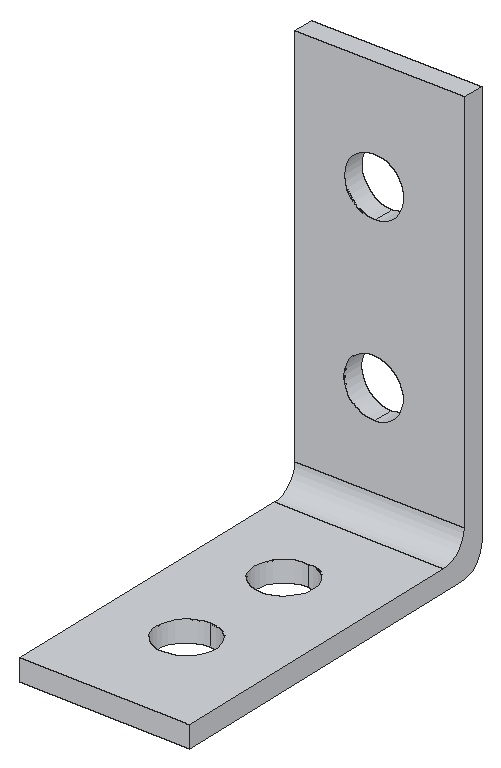
Revit family "MP11", category Generic Models, Revit 2017
Family settings
  Can host rebar = No
  Round Connector Dimension = Use Diameter
  Part Type = Normal
  Work Plane-Based = Yes
  Always vertical = No
  Cut with Voids When Loaded = No
  Shared = No
  Room Calculation Point = No
Parameters (values of type "NBS Standard Parameters")
  Weight = "0.251Kg"
  WarrantyStartDate [instance] = "1900-12-31T23:59:59"
  WarrantyGuarantorParts = "n/a"
  WarrantyGuarantorLabor = "n/a"
  WarrantyDurationUnit = "1 year"
  WarrantyDurationParts = "n/a"
  WarrantyDurationLabor = "n/a"
  WarrantyDescription = "n/a"
  Version = "1"
  Uniclass2 = "Pr_65_70_11_19"
  TagNumber [instance] = "n/a"
  SustainabilityPerformance = "n/a"
  Size = "90 degree"
  Shape = "Angle"
  SerialNumber [instance] = "n/a"
  Revision = "n/a"
  ReplacementCost = "n/a"
  ProductInformation = "www.metpro.co.uk/pdf/mp11.pdf"
  NominalWidth = 40 mm
  NominalLength = 102 mm
  NominalHeight = 86 mm
  Name = ""
  NBSTypeID = ""
  NBSReference = "90-55-10/305"
  NBSOfficeMasterTag = ""
  NBSNote = ""
  NBSDescription = "Channel Cable Supports"
  NBSCertification = ""
  ModelReference = "MP11"
  ModelNumber = "n/a"
  Material = "Steel"
  ManufacturerURL = "www.metpro.co.uk"
  ManufacturerName = "Metpro Ltd"
  Keynote = "Compliant to LU Standard 1-085"
  InstallationDate [instance] = "1900-12-31T23:59:59"
  IfcExportType = ""
  IfcExportAs = ""
  Grade = "n/a"
  Finish = "Hot Dipped Galvanised"
  Features = "n/a"
  ExpectedLife = "n/a"
  DurationUnit = "year"
  Description = "MP11 -  2+2 Hole 90 degree Bracket"
  Default Elevation = 1219.2 mm
  Constituents = "n/a"
  Color = "n/a"
  CodePerformance = "n/a"
  Category = "n/a"
  BarCode [instance] = "n/a"
  BIMObjectName = "Metpro_Metprolibrary_Channelcablesupports_Channelbracket"
  Author = "Metpro Ltd"
  AssetType = ""
  AssetIdentifier [instance] = "n/a"
  AccessibilityPerformance = "n/a"
Reference planes
  plane 1 "Center (Front/Back)": y = 0
  plane 2: z = 0
  plane 3 "Center (Left/Right)": x = 0
Forms (mm)
  Extrusion 1, solid
    sketch origin (625.7, 449.922, 17.148) x (0, 0, -1) y (0, 1, 0)
      loop
        line (-53.852, 0) -> (-53.852, -5) -> (37.148, -5)
        arc (37.148, -5) -> (41.391, -6.757) -> (43.148, -11) r 6
        line (43.148, -11) -> (43.148, -86) -> (48.148, -86) -> (48.148, -6)
        arc (48.148, -6) -> (46.391, -1.757) -> (42.148, 0) r 6
        line (42.148, 0) -> (-53.852, 0)
    from 0 to 40
  Extrusion 2, void
    sketch origin (625.7, 447.423, -26) x (1, 0, 0) y (0, -1, 0)
      loop
        circle (19.117, 29.59) r 7
      loop
        circle (19.117, 58.34) r 7
    from 0 to 5
  Extrusion 3, void
    sketch origin (625.7, 444.922, -26) x (0, 0, -1) y (-1, 0, 0)
      loop
        circle (-70.615, -18.756) r 7
      loop
        circle (-28.084, -18.621) r 7
    from 0 to 5
Cuts and joins
  Extrusion 2, Extrusion 3 cuts Extrusion 1
Dimensions and locks
  aligned and locked: level to plane 2
  aligned and locked: Extrusion 2 to Extrusion 1
  aligned and locked: Extrusion 1 to Extrusion 3
